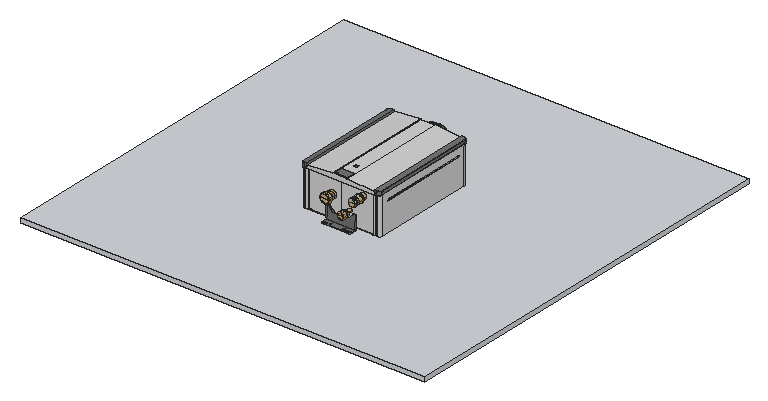
Revit family "Water_Heater-Rinnai-Ultra-Condensing-Tankless-RUCS75i", category Mechanical Equipment, host Face, Revit 2012
Parameters (values of type "Standard")
  Width = 18 1/2"  # constant formula
  Wattage = 89 W
  Warranty URL = ""
  Warranty = "Residential:Limited 12-year on heat exchanger, 5-year on parts, 1-year on labor"  # constant formula
  Voltage = 120 V
  Venting = "Direct Vent system 3-4\" configurations"
  Unit = Metal - Rinnai - Aluminum Frame - Painted White
  URL = "https://rinnai.us/"
  Temperature Settings = "120° - 140° F"  # constant formula
  Subcategory = "Tankless Water Heaters"  # constant formula
  Spec Sheet URL = "https://www.rinnai.us/documentation/downloads/RUCS75i_%28KCM2528FFU-US%29_SP.pdf"
  Product Page URL = "https://rinnai.us/water-heater/product/rucs75i-reu-kcm2528ffu-us"
  Noise Level Range = "55dB"  # constant formula
  Natural Gas = yes
  Model = "REU-KCM2528FFU-US"  # constant formula
  Max Amperage = 2.3 A
  Manufacturer Phone - Toll Free = "800-621-9419"  # constant formula
  Manufacturer Phone = "800-621-9419"  # constant formula
  Manufacturer Fax = "678-829-1666"  # constant formula
  Manufacturer Email = "mailto:engineering@rinnai.us"
  Manufacturer Address = "103 International Drive, Peachtree City, GA 30269"  # constant formula
  Manufacturer = "Rinnai America Corporation"  # constant formula
  Liquid Propane = yes
  Interference = Glass - Rinnai - Clear - Amber
  Installation URL = "https://www.rinnai.us/documentation/downloads/100000384.pdf"
  Installation Location = "Indoor only"  # constant formula
  Ignition System = "Direct electronic ignition"  # constant formula
  Hot Water Connection = "Hot Water Connector"  # constant formula
  Height = 26"  # constant formula
  Panel = Metal - Rinnai - Aluminum Frame - Painted White
  Gas Supply Pressure Min = "4\" (NG); 8\" (Propane)"
  Gas Supply Pressure Max = "10.5\" (NG); 13.5\" (Propane)"
  Gas Manifold Pressure Low Fire = "1.00\" (NG); 1.08\" (Propane)"
  Gas Manifold Pressure High Fire = "3.37\" (NG); 3.75\" (Propane)"
  Gas Input Rate = 160.0 Btu/h
  Gas Input Range = "10,300 - 160,000 BTU/h"  # constant formula
  Gas Connection = "Gas Connector"  # constant formula
  Frequency = 60 Hz
  Electrical Consumption Range = "Normal: 89 w, Standby: 1.3 w"  # constant formula
  Dry Weight = 57.30 lbf
  Description = "Tankless Water Heater"  # constant formula
  Depth = 10"  # constant formula
  Default Elevation = 48"
  Combustion Air = "Indoor"  # constant formula
  Combustibles = yes
  Cold Water Connection = "Cold Water Connector"  # constant formula
  Clearance for Top = 6"  # constant formula
  Clearance for Sides = 1/2"  # constant formula
  Clearance for Ground or Bottom = 12"  # constant formula
  Clearance for Front = 6"  # constant formula
  Cap = Metal - Rinnai - Aluminum - Polished Sliver
  Assembly Code = ""
  Applicable Altitude Range = "0 - 5400 ft (0 - 1646 m)"  # constant formula
  95 CSI = ""
  04 CSI = ""
Reference planes (in)
  plane 1 "Center (Front/Back)": y = 0
  plane 2: z = 0
  plane 3 "Center (Left/Right)": x = 0
  plane 4: y = 13
  plane 5: y = -13
  plane 6: x = -9.25
  plane 7: x = 9.25
  plane 8: z = 10.5501
  plane 9: z = 0.5501
  plane 10: y = -12.67027
Forms (in)
  Extrusion 1, solid
    sketch origin (0, 0, 0) x (1, 0, 0) y (0, 1, 0)
      loop
        line (-48, 48) -> (-48, -48) -> (48, -48) -> (48, 48) -> (-48, 48)
    from 0 to -1
  Sweep 2, solid, material "Glass - Rinnai - Clear - Amber" <- "Interference", not visible
    path origin (0, 0, 0) x (1, 0, 0) y (0, 1, 0)
      loop
        line (0, 19) -> (0, -25)
    profile origin (0, -3, 0) x (1, 0, 0) y (0, 0, 1)
      loop
        line (11.25, 16.72205) -> (-11.25, 16.72205) -> (-11.25, 0) -> (11.25, 0) -> (11.25, 16.72205)
Dimensions and locks (in)
  equal spacing: plane 6, plane 3 "Center (Left/Right)", plane 7
  "Width": plane 6 to plane 7
  equal spacing: plane 4, plane 1 "Center (Front/Back)", plane 5
  "Height": plane 4 to plane 5
  locked: level to plane 9 at 0.5501
  "Depth": plane 9 to plane 8
  aligned and locked: plane 2 to Extrusion 1
  aligned and locked: level to Extrusion 1
  aligned and locked: Sweep 2 sketch curve to plane 3 "Center (Left/Right)"
  aligned and locked: Sweep 2 sketch curve to Extrusion 1
  aligned and locked: plane 4 to nested 1
  aligned and locked: nested 1 to plane 2
  aligned and locked: nested 2 to plane 10
Automatic sketch dimensions
  Extrusion 1 sketch curve to Extrusion 1 sketch curve = 96"  (x2)
  plane 4 to Sweep 2 sketch curve = 6"
  plane 5 to Sweep 2 sketch curve = 12"
  profile plane to Sweep 2 sketch curve = 11 1/4"
  Sweep 2 sketch curve to profile plane = 11 1/4"
  Sweep 2 sketch curve to Sweep 2 sketch curve = 16.72205"
Nested families (in)
  nested 1: "Water Heater" at (-0.01433, 0.15, 0.59055), type "RUCS75i"
  nested 2: "Pipes" at (0.375, -14.00885, 0), type "Pipes"
Connectors (in)
  piping at (5.07663, -15.93915, 7.82256), driven by "Gas Connection"
    settings: on nested 2, index 1, connector radius 83/128", flow factor 0, pipe flow 0.00 GPM, pressure drop 0.00 psi, fitting loss kfactor 0, connector angle 0.00°, fixture units 0, engagement length 0", flow configuration 0, flow direction 1, fitting loss method 0, system type 7, joint type 0, gender type 0, connector reference index -1, connector utility 1, adjustable connector no, is connector primary yes, fitting loss table "", connector description "Gas Connector"
  piping at (-2.19504, -14.95475, 5.73209), driven by "Cold Water Connection"
    settings: on nested 2, index 2, connector radius 247/256", flow factor 0, pipe flow 0.00 GPM, pressure drop 0.00 psi, fitting loss kfactor 0, connector angle 0.00°, fixture units 0, engagement length 0", flow configuration 0, flow direction 2, fitting loss method 0, system type 20, joint type 0, gender type 0, connector reference index -1, connector utility 1, adjustable connector no, is connector primary no, fitting loss table "", connector description "Cold Water Connector"
  piping at (2.02329, -15.52897, 3.75493), driven by "Hot Water Connection"
    settings: on nested 2, index 3, connector radius 173/256", flow factor 0, pipe flow 0.00 GPM, pressure drop 0.00 psi, fitting loss kfactor 0, connector angle 0.00°, fixture units 0, engagement length 0", flow configuration 0, flow direction 2, fitting loss method 0, system type 19, joint type 0, gender type 0, connector reference index -1, connector utility 1, adjustable connector no, is connector primary no, fitting loss table "", connector description "Hot Water Connector"
  piping at (-0.02414, 16.39706, 6.6882), driven by "Cold Water Connection"
    settings: on nested 1, index 4, connector radius 2", flow factor 0, pipe flow 0.00 GPM, pressure drop 0.00 psi, fitting loss kfactor 0, connector angle 0.00°, fixture units 0, engagement length 0", flow configuration 0, flow direction 1, fitting loss method 0, system type 20, joint type 0, gender type 0, connector reference index -1, connector utility 1, adjustable connector no, is connector primary no, fitting loss table "", connector description "Cold Water Connector"
Definition of nested family "Water Heater"
  Parameters (values of type "RUC98i")
    Unit = Metal - Rinnai - Aluminum Frame - Painted White
    Door = Metal - Rinnai - Aluminum - Polished Sliver
    Display = Metal - Rinnai - Aluminum Frame - Painted White
    Default Elevation = 48"
    Clamp = Metal - Rinnai - Aluminum Frame - Painted White
  Reference planes (in)
    plane 1 "Center (Front/Back)": y = 0
    plane 2: z = 0
    plane 3 "Center (Left/Right)": x = 0
    plane 4: y = 12.85
    plane 5: x = -9.25
    plane 6: x = 9.25
    plane 7: z = 10.1
    plane 8: z = 8.75945
    plane 9: z = -0.20842
    plane 10: z = 3.97008
    plane 11: x = 4.33
    plane 12: x = 1.17
    plane 13: z = 1.61008
    plane 14: x = -2.89
    plane 15: z = 3.20008
    plane 16: y = 15.52
    plane 17: x = 0
    plane 18: x = 5.09845
    plane 19: z = 7.0748
    plane 20: z = 2.99213
    plane 21: x = 2.10239
    plane 22: z = 5.00787
    plane 23: x = -2.12399
    plane 24: z = -0.59055
    plane 25: z = -0.15205
    plane 26: z = -0.59055
    plane 27: z = 2.71654
    plane 28: x = -3.49407
    plane 29: x = 3.46656
    plane 30: x = -3.49407
    plane 31: x = 3.46656
    plane 32: y = -13.15
    plane 33: z = 9.95876
  Forms (in)
    Extrusion 1, solid, material "Metal - Rinnai - Aluminum Frame - Painted White" <- "Unit", detail levels medium+fine
      sketch origin (0, 0, 0) x (1, 0, 0) y (0, 1, 0)
        loop
          arc (-8.5, 12.72578) -> (-9.03033, 12.50611) -> (-9.25, 11.97578) r 0.75
          line (-9.25, 11.97578) -> (-9.25, -12.07027)
          arc (-9.25, -12.07027) -> (-9.03033, -12.6006) -> (-8.5, -12.82027) r 0.75
          line (-8.5, -12.82027) -> (-7.75409, -12.82027)
          arc (-7.75409, -12.82027) -> (-7.72259, -12.78878) -> (-7.75409, -12.75728) r 0.0315
          line (-7.75409, -12.75728) -> (-8.33874, -12.75728)
          arc (-8.33874, -12.75728) -> (-8.86907, -12.53761) -> (-9.08874, -12.00728) r 0.75
          line (-9.08874, -12.00728) -> (-9.08874, 11.87342)
          arc (-9.08874, 11.87342) -> (-8.86907, 12.40375) -> (-8.33874, 12.62342) r 0.75
          line (-8.33874, 12.62342) -> (8.33874, 12.62342)
          arc (8.33874, 12.62342) -> (8.86907, 12.40375) -> (9.08874, 11.87342) r 0.75
          line (9.08874, 11.87342) -> (9.08874, -12.00728)
          arc (9.08874, -12.00728) -> (8.86907, -12.53761) -> (8.33874, -12.75728) r 0.75
          line (8.33874, -12.75728) -> (7.75409, -12.75728)
          arc (7.75409, -12.75728) -> (7.72259, -12.78878) -> (7.75409, -12.82027) r 0.0315
          line (7.75409, -12.82027) -> (8.5, -12.82027)
          arc (8.5, -12.82027) -> (9.03033, -12.6006) -> (9.25, -12.07027) r 0.75
          line (9.25, -12.07027) -> (9.25, 11.97578)
          arc (9.25, 11.97578) -> (9.03033, 12.50611) -> (8.5, 12.72578) r 0.75
          line (8.5, 12.72578) -> (-8.5, 12.72578)
      from -0.04045 to 8.98484
    Extrusion 2, solid, material "Metal - Rinnai - Aluminum Frame - Painted White" <- "Unit", detail levels medium+fine
      sketch origin (0, 0, 0) x (1, 0, 0) y (0, 1, 0)
        loop
          arc (-7.94561, -12.71791) -> (-7.96958, -12.73044) -> (-7.97296, -12.75728) r 0.02918
          line (-7.97296, -12.75728) -> (0.00974, -12.75728) -> (7.97296, -12.75728)
          arc (7.97296, -12.75728) -> (7.96958, -12.73044) -> (7.94561, -12.71791) r 0.02918
          line (7.94561, -12.71791) -> (-0.00497, -12.71791) -> (-7.94561, -12.71791)
      from 0 to 8.75945
    Sweep 3, solid, material "Metal - Rinnai - Aluminum Frame - Painted White" <- "Unit", detail levels medium+fine
      path origin (-19.30772, -180, -0.04045) x (-1, 0, 0) y (0, -1, 0)
        loop
          line (-27.06181, -167.17973) -> (-27.80772, -167.17973)
          arc (-27.80772, -167.17973) -> (-28.33805, -167.3994) -> (-28.55772, -167.92973) r 0.75
          line (-28.55772, -167.92973) -> (-28.55772, -191.97578)
          arc (-28.55772, -191.97578) -> (-28.33805, -192.50611) -> (-27.80772, -192.72578) r 0.75
          line (-27.80772, -192.72578) -> (-10.80772, -192.72578)
          arc (-10.80772, -192.72578) -> (-10.27739, -192.50611) -> (-10.05772, -191.97578) r 0.75
          line (-10.05772, -191.97578) -> (-10.05772, -167.92973)
          arc (-10.05772, -167.92973) -> (-10.27739, -167.3994) -> (-10.80772, -167.17973) r 0.75
          line (-10.80772, -167.17973) -> (-11.55363, -167.17973)
      profile origin (8.12705, -12.82027, -0.04045) x (0, 1, 0) y (0, 0, 1)
        loop
          arc (0, 0.0315) -> (0.00922, 0.00922) -> (0.0315, 0) r 0.0315
          line (0.0315, 0) -> (0.0315, 0.0315) -> (0, 0.0315)
    Extrusion 4, void, detail levels medium+fine
      sketch origin (0, 0, 0.23337) x (1, 0, 0) y (0, 0, 1)
        loop
          line (9.53125, 10.9934) -> (-9.53125, 10.9934) -> (-9.53125, 8.72022) -> (-8.09256, 8.72022) -> (-8.09256, 9.1595)
          arc (-8.09256, 9.1595) -> (-4.06175, 9.66364) -> (0, 9.72539) r 37.20967
          arc (0, 9.72539) -> (4.06175, 9.66364) -> (8.09256, 9.1595) r 37.20967
          line (8.09256, 9.1595) -> (8.09256, 8.72022) -> (9.53125, 8.72022) -> (9.53125, 10.9934)
      from -15.04938 to 15.10382
    Extrusion 5, solid, material "Metal - Rinnai - Aluminum Frame - Painted White" <- "Display", detail levels medium+fine
      sketch origin (0, 0, 0) x (1, 0, 0) y (0, 1, 0)
        loop
          line (8.58208, 12.85) -> (-8.63521, 12.85)
          arc (-8.63521, 12.85) -> (-9.06993, 12.66993) -> (-9.25, 12.23521) r 0.61479
          line (-9.25, 12.23521) -> (-9.25, -12.55655)
          arc (-9.25, -12.55655) -> (-9.07618, -12.97618) -> (-8.65655, -13.15) r 0.59345
          line (-8.65655, -13.15) -> (8.56688, -13.15)
          arc (8.56688, -13.15) -> (9.04992, -12.94992) -> (9.25, -12.46688) r 0.68312
          line (9.25, -12.46688) -> (9.25, 12.18208)
          arc (9.25, 12.18208) -> (9.05437, 12.65437) -> (8.58208, 12.85) r 0.66792
      from 8.75945 to 10.8032
    Extrusion 6, solid, material "Metal - Rinnai - Aluminum - Polished Sliver" <- "Door", detail levels medium+fine
      sketch origin (0, 0, 0) x (1, 0, 0) y (0, 1, 0)
        loop
          arc (-8.52756, 12.84217) -> (-9.05789, 12.6225) -> (-9.27756, 12.09217) r 0.75
          line (-9.27756, 12.09217) -> (-9.27756, -12.4)
          arc (-9.27756, -12.4) -> (-9.05789, -12.93033) -> (-8.52756, -13.15) r 0.75
          line (-8.52756, -13.15) -> (-8.09256, -13.15) -> (-8.09256, 12.84217) -> (-8.52756, 12.84217)
        loop
          line (8.52756, 12.84217) -> (8.09256, 12.84217) -> (8.09256, -13.15) -> (8.52756, -13.15)
          arc (8.52756, -13.15) -> (9.05789, -12.93033) -> (9.27756, -12.4) r 0.75
          line (9.27756, -12.4) -> (9.27756, 12.09217)
          arc (9.27756, 12.09217) -> (9.05789, 12.6225) -> (8.52756, 12.84217) r 0.75
      from 8.95359 to 9.96783
    Extrusion 7, solid, material "Metal - Rinnai - Aluminum Frame - Painted White" <- "Unit", detail levels coarse
      sketch origin (0, 0, 0) x (1, 0, 0) y (0, 1, 0)
        loop
          line (9.25, -14.56214) -> (9.25, 16.24706) -> (-9.25, 16.24706) -> (-9.25, -14.56214) -> (9.25, -14.56214)
      from -0.59055 to 9.95876
    Extrusion 8, solid, material "Metal - Rinnai - Aluminum Frame - Painted White" <- "Unit", detail levels medium+fine
      sketch origin (0, 0, 0) x (1, 0, 0) y (0, 1, 0)
        loop
          arc (-7.94561, -12.71791) -> (-7.96958, -12.73044) -> (-7.97296, -12.75728) r 0.02918
          line (-7.97296, -12.75728) -> (0.00974, -12.75728) -> (7.97296, -12.75728)
          arc (7.97296, -12.75728) -> (7.96958, -12.73044) -> (7.94561, -12.71791) r 0.02918
          line (7.94561, -12.71791) -> (-0.00497, -12.71791) -> (-7.94561, -12.71791)
      from 0 to 8.75945
    Extrusion 9, void
      sketch origin (0, 0, 0.15514) x (1, 0, 0) y (0, 0, 1)
        loop
          arc (1.60849, 9.74656) -> (1.69001, 9.75729) -> (1.76597, 9.78875) r 0.31496
          line (1.76597, 9.78875) -> (2.03915, 9.94647)
          arc (2.03915, 9.94647) -> (2.1341, 9.9858) -> (2.236, 9.99922) r 0.3937
          line (2.236, 9.99922) -> (2.236, 10.43872) -> (-2.23606, 10.43872) -> (-2.23606, 9.99922)
          arc (-2.23606, 9.99922) -> (-2.13416, 9.9858) -> (-2.0392, 9.94647) r 0.3937
          line (-2.0392, 9.94647) -> (-1.76603, 9.78875)
          arc (-1.76603, 9.78875) -> (-1.69007, 9.75729) -> (-1.60855, 9.74656) r 0.31496
          line (-1.60855, 9.74656) -> (1.60849, 9.74656)
      from -14.53617 to 14.5778
    Extrusion 10, solid, material "Metal - Rinnai - Aluminum Frame - Painted White" <- "Unit", detail levels medium+fine
      sketch origin (0, 0, 0) x (1, 0, 0) y (0, 1, 0)
        loop
          arc (-9.08874, -12.00728) -> (-8.86907, -12.53761) -> (-8.33874, -12.75728) r 0.75
          line (-8.33874, -12.75728) -> (-7.75409, -12.75728) -> (8.33874, -12.75728)
          arc (8.33874, -12.75728) -> (8.86907, -12.53761) -> (9.08874, -12.00728) r 0.75
          line (9.08874, -12.00728) -> (9.08874, 11.87342)
          arc (9.08874, 11.87342) -> (8.86907, 12.40375) -> (8.33874, 12.62342) r 0.75
          line (8.33874, 12.62342) -> (-8.33874, 12.62342)
          arc (-8.33874, 12.62342) -> (-8.86907, 12.40375) -> (-9.08874, 11.87342) r 0.75
          line (-9.08874, 11.87342) -> (-9.08874, -12.00728)
      from -0.01923 to 0
    Revolve 11, void
      sketch origin (9.3125, 0, 0) x (0, 1, 0) y (0, 0, 1)
        loop
          arc (10.67775, 6.82414) -> (10.62581, 6.97256) -> (10.48169, 7.03543) r 0.19661
          line (10.48169, 7.03543) -> (-10.77815, 7.03543)
          arc (-10.77815, 7.03543) -> (-10.92236, 6.97257) -> (-10.97447, 6.82414) r 0.19685
          line (-10.97447, 6.82414) -> (10.67775, 6.82414)
        axis (-10.97447, 6.82414) -> (10.67775, 6.82414)
      angle from 180 to -180
    Revolve 12, void
      sketch origin (-9.3125, 0, 0) x (0, 1, 0) y (0, 0, -1)
        loop
          line (10.67775, -6.82414) -> (-10.97447, -6.82414)
          arc (-10.97447, -6.82414) -> (-10.92236, -6.97257) -> (-10.77815, -7.03543) r 0.19685
          line (-10.77815, -7.03543) -> (10.48169, -7.03543)
          arc (10.48169, -7.03543) -> (10.62581, -6.97256) -> (10.67775, -6.82414) r 0.19661
        axis (-10.97447, -6.82414) -> (10.67775, -6.82414)
      angle from 180 to -180
    Extrusion 13, void
      sketch origin (0, 0, 0) x (1, 0, 0) y (0, 0, 1)
        loop
          line (8.09256, 9.80952) -> (8.09256, 8.95359) -> (9.26381, 8.95359) -> (9.26381, 9.56753)
          arc (9.26381, 9.56753) -> (9.24465, 9.61941) -> (9.19638, 9.64641) r 0.07985
          arc (9.19638, 9.64641) -> (8.64485, 9.73057) -> (8.09256, 9.80952) r 59.05511
        loop
          line (7.89256, 10.28429) -> (7.89256, 8.78484) -> (9.46381, 8.78484) -> (9.46381, 10.28429) -> (7.89256, 10.28429)
        loop
          arc (-8.09256, 9.81284) -> (-8.65523, 9.7325) -> (-9.21711, 9.64675) r 59.05517
          arc (-9.21711, 9.64675) -> (-9.26586, 9.61948) -> (-9.28521, 9.56708) r 0.08065
          line (-9.28521, 9.56708) -> (-9.28521, 8.95359) -> (-8.09256, 8.95359) -> (-8.09256, 9.81284)
        loop
          line (-7.9166, 10.28429) -> (-9.48785, 10.28429) -> (-9.48785, 8.78484) -> (-7.9166, 8.78484) -> (-7.9166, 10.28429)
      from -13.68838 to 17.90298
    Sweep 14, solid, material "Metal - Rinnai - Aluminum - Polished Sliver" <- "Door", detail levels medium+fine
      path origin (-13.16941, 14.83211, 50.52353) x (-1, 0, 0) y (0, 0, 1)
        loop
          circle (-13.15378, -44.53915) r 2.53
      profile origin (-0.01562, 14.83211, 3.45438) x (0, 0, -1) y (0, 1, 0)
        loop
          line (0.37891, -0.23622) -> (0.37891, -0.03937) -> (0.33954, 0) -> (0.16569, 0) -> (0.16569, -0.33502)
          arc (0.16569, -0.33502) -> (0.14814, -0.35064) -> (0.13195, -0.36767) r 0.2815
          arc (0.13195, -0.36767) -> (0.11933, -0.38713) -> (0.11491, -0.4099) r 0.06083
          line (0.11491, -0.4099) -> (0.11491, -1.95032) -> (-1.17806, -1.95032) -> (-1.17806, -0.4879)
          arc (-1.17806, -0.4879) -> (-1.06496, -0.34731) -> (-1.16611, -0.1979) r 0.15183
          line (-1.16611, -0.1979) -> (-0.96822, 0) -> (-1.21033, 0) -> (-1.21033, -1.98252) -> (0.34038, -1.98252)
          arc (0.34038, -1.98252) -> (0.31582, -1.95579) -> (0.30691, -1.9206) r 0.07401
          line (0.30691, -1.9206) -> (0.30691, -1.79773)
          arc (0.30691, -1.79773) -> (0.30167, -1.77782) -> (0.28731, -1.76308) r 0.04042
          line (0.28731, -1.76308) -> (0.1536, -1.68273)
          arc (0.1536, -1.68273) -> (0.1399, -1.66867) -> (0.13491, -1.6497) r 0.03854
          line (0.13491, -1.6497) -> (0.13491, -0.4099)
          arc (0.13491, -0.4099) -> (0.13796, -0.3944) -> (0.14666, -0.38123) r 0.04083
          arc (0.14666, -0.38123) -> (0.15771, -0.36931) -> (0.16948, -0.35809) r 0.2615
          arc (0.16948, -0.35809) -> (0.18137, -0.34116) -> (0.18569, -0.32093) r 0.05188
          line (0.18569, -0.32093) -> (0.18569, -0.23622) -> (0.37891, -0.23622)
    Extrusion 15, solid, material "Metal - Rinnai - Aluminum - Polished Sliver" <- "Door", detail levels medium+fine
      sketch origin (0, 0, 0.5625) x (1, 0, 0) y (0, 0, 1)
        loop
          circle (-0.01562, 5.48437) r 2.76047
      from -14.79274 to -12.85
    Revolve 16, solid, material "Metal - Rinnai - Aluminum - Polished Sliver" <- "Door", detail levels medium+fine
      sketch origin (0, 0, 6.09765) x (1, 0, 0) y (0, 1, 0)
        loop
          line (-1.83176, 16.24706) -> (-1.98816, 16.24706) -> (-1.98816, 14.94785) -> (-2.76607, 14.94785) -> (-2.76607, 14.86911) -> (-2.73103, 14.86911) -> (-2.73103, 14.83211) -> (-1.83176, 14.83211) -> (-1.83176, 16.24706)
        axis (-0.00981, 16.24706) -> (-0.00981, 14.83211)
      angle from 0 to 360
    Revolve 17, solid, material "Metal - Rinnai - Aluminum - Polished Sliver" <- "Door", detail levels medium+fine
      sketch origin (0, 0, 6.125) x (1, 0, 0) y (0, 1, 0)
        loop
          line (-5.91926, 14.07835) -> (-7.98619, 14.07835) -> (-7.98619, 13.99961) -> (-7.89841, 13.99961) -> (-7.89841, 13.01817) -> (-5.91926, 13.01817) -> (-5.91926, 14.07835)
        axis (-5.91926, 14.07835) -> (-5.91926, 13.01817)
      angle from 0 to 360
    Extrusion 18, solid, material "Metal - Rinnai - Aluminum - Polished Sliver" <- "Door", detail levels medium+fine
      sketch origin (0, 0, 0) x (1, 0, 0) y (0, 0, 1)
        loop
          line (-4.80706, 8.4142) -> (-7.03147, 8.4142)
          arc (-7.03147, 8.4142) -> (-7.91535, 8.04808) -> (-8.28147, 7.1642) r 1.25
          line (-8.28147, 7.1642) -> (-8.28147, 4.93979)
          arc (-8.28147, 4.93979) -> (-7.91535, 4.05591) -> (-7.03147, 3.68979) r 1.25
          line (-7.03147, 3.68979) -> (-4.80706, 3.68979)
          arc (-4.80706, 3.68979) -> (-3.92318, 4.05591) -> (-3.55706, 4.93979) r 1.25
          line (-3.55706, 4.93979) -> (-3.55706, 7.1642)
          arc (-3.55706, 7.1642) -> (-3.92318, 8.04808) -> (-4.80706, 8.4142) r 1.25
      from -13.01929 to -12.85
    Extrusion 19, solid, material "Metal - Rinnai - Aluminum - Polished Sliver" <- "Door", detail levels medium+fine
      sketch origin (0, 0, 0) x (1, 0, 0) y (0, 0, 1)
        loop
          arc (-1.21257, 9.00081) -> (-2.45001, 8.48825) -> (-2.96257, 7.25081) r 1.75
          line (-2.96257, 7.25081) -> (-2.96257, 4.8453)
          arc (-2.96257, 4.8453) -> (-2.45001, 3.60786) -> (-1.21257, 3.0953) r 1.75
          line (-1.21257, 3.0953) -> (1.19294, 3.0953)
          arc (1.19294, 3.0953) -> (2.43038, 3.60786) -> (2.94294, 4.8453) r 1.75
          line (2.94294, 4.8453) -> (2.94294, 7.25081)
          arc (2.94294, 7.25081) -> (2.43038, 8.48825) -> (1.19294, 9.00081) r 1.75
          line (1.19294, 9.00081) -> (-1.21257, 9.00081)
      from -13.07589 to -12.85
    Extrusion 20, solid, material "Metal - Rinnai - Aluminum - Polished Sliver" <- "Door", detail levels fine
      sketch origin (0, 0, -0.38213) x (1, 0, 0) y (0, 1, 0)
        loop
          arc (3.16143, -14.56214) -> (3.37644, -14.47309) -> (3.4655, -14.25808) r 0.30406
          line (3.4655, -14.25808) -> (3.4655, -12.96102) -> (-3.49587, -12.96102) -> (-3.49587, -14.26214)
          arc (-3.49587, -14.26214) -> (-3.408, -14.47428) -> (-3.19587, -14.56214) r 0.3
          line (-3.19587, -14.56214) -> (3.16143, -14.56214)
        loop
          circle (-1.59298, -13.97618) r 0.25
        loop
          circle (1.5508, -13.97618) r 0.25
        loop
          line (-2.3676, -14.17829) -> (-2.78179, -14.17829)
          arc (-2.78179, -14.17829) -> (-2.88969, -14.28619) -> (-2.78179, -14.3941) r 0.10791
          line (-2.78179, -14.3941) -> (-2.3676, -14.3941)
          arc (-2.3676, -14.3941) -> (-2.2597, -14.28619) -> (-2.3676, -14.17829) r 0.10791
        loop
          line (2.75077, -14.17829) -> (2.33658, -14.17829)
          arc (2.33658, -14.17829) -> (2.22868, -14.28619) -> (2.33658, -14.3941) r 0.10791
          line (2.33658, -14.3941) -> (2.75077, -14.3941)
          arc (2.75077, -14.3941) -> (2.85867, -14.28619) -> (2.75077, -14.17829) r 0.10791
        loop
          line (-3.27923, -14.1083) -> (-3.27923, -14.18773)
          arc (-3.27923, -14.18773) -> (-3.16209, -14.30487) -> (-3.04495, -14.18773) r 0.11714
          line (-3.04495, -14.18773) -> (-3.04495, -14.1083)
          arc (-3.04495, -14.1083) -> (-3.16209, -13.99116) -> (-3.27923, -14.1083) r 0.11714
        loop
          line (3.01764, -14.1083) -> (3.01764, -14.18773)
          arc (3.01764, -14.18773) -> (3.13478, -14.30487) -> (3.25192, -14.18773) r 0.11714
          line (3.25192, -14.18773) -> (3.25192, -14.1083)
          arc (3.25192, -14.1083) -> (3.13478, -13.99116) -> (3.01764, -14.1083) r 0.11714
      from -0.20842 to -0.15205
    Extrusion 21, solid, material "Metal - Rinnai - Aluminum - Polished Sliver" <- "Door", detail levels fine
      sketch origin (0, 0, -0.38213) x (1, 0, 0) y (0, 0, 1)
        loop
          line (-3.49407, 2.92296) -> (-3.49407, -0.15205) -> (3.46656, -0.15205) -> (3.46656, 2.92867)
          arc (3.46656, 2.92867) -> (3.4351, 3.00463) -> (3.35914, 3.03609) r 0.10742
          line (3.35914, 3.03609) -> (2.88285, 3.03609)
          arc (2.88285, 3.03609) -> (2.78786, 3.01065) -> (2.71831, 2.94112) r 0.19
          arc (2.71831, 2.94112) -> (-0.01202, 1.36468) -> (-2.74289, 2.94019) r 3.15356
          arc (-2.74289, 2.94019) -> (-2.81314, 3.0104) -> (-2.90908, 3.03609) r 0.19195
          line (-2.90908, 3.03609) -> (-3.38094, 3.03609)
          arc (-3.38094, 3.03609) -> (-3.46093, 3.00296) -> (-3.49407, 2.92296) r 0.11313
      from 12.81977 to 12.96102
    Extrusion 22, solid, material "Metal - Rinnai - Aluminum - Polished Sliver" <- "Door", detail levels fine
      sketch origin (0, 0, -0.38213) x (0, 1, 0) y (0, 0, 1)
        loop
          line (-12.89803, 0.24165) -> (-12.89803, 1.71409) -> (-13.05411, 1.71409)
          arc (-13.05411, 1.71409) -> (-13.13862, 1.67908) -> (-13.17362, 1.59457) r 0.11952
          line (-13.17362, 1.59457) -> (-13.17362, 0.36212)
          arc (-13.17362, 0.36212) -> (-13.13834, 0.27693) -> (-13.05315, 0.24165) r 0.12047
          line (-13.05315, 0.24165) -> (-12.89803, 0.24165)
      from 3.46656 to 3.52956
    Extrusion 23, solid, material "Metal - Rinnai - Aluminum - Polished Sliver" <- "Door", detail levels fine
      sketch origin (0, 0, -0.38213) x (0, 1, 0) y (0, 0, 1)
        loop
          line (-12.89803, 0.24165) -> (-12.89803, 2.74304) -> (-13.05362, 2.74304)
          arc (-13.05362, 2.74304) -> (-13.13847, 2.7079) -> (-13.17362, 2.62304) r 0.12
          line (-13.17362, 2.62304) -> (-13.17362, 0.36212)
          arc (-13.17362, 0.36212) -> (-13.13834, 0.27693) -> (-13.05315, 0.24165) r 0.12047
          line (-13.05315, 0.24165) -> (-12.89803, 0.24165)
      from -3.55706 to -3.49407
    Extrusion 24, solid, material "Metal - Rinnai - Aluminum - Polished Sliver" <- "Door", detail levels fine
      sketch origin (0, -0.07813, -0.38213) x (1, 0, 0) y (0, 1, 0)
        loop
          line (3.16143, 14.27598) -> (-3.19587, 14.27598)
          arc (-3.19587, 14.27598) -> (-3.408, 14.18812) -> (-3.49587, 13.97598) r 0.3
          line (-3.49587, 13.97598) -> (-3.49587, 12.80391) -> (3.4655, 12.80391) -> (3.4655, 13.97192)
          arc (3.4655, 13.97192) -> (3.37644, 14.18693) -> (3.16143, 14.27598) r 0.30406
        loop
          circle (-1.59298, 13.69002) r 0.25
        loop
          circle (1.5508, 13.69002) r 0.25
        loop
          arc (-2.3676, 13.89213) -> (-2.2597, 14.00003) -> (-2.3676, 14.10794) r 0.10791
          line (-2.3676, 14.10794) -> (-2.78179, 14.10794)
          arc (-2.78179, 14.10794) -> (-2.88969, 14.00003) -> (-2.78179, 13.89213) r 0.10791
          line (-2.78179, 13.89213) -> (-2.3676, 13.89213)
        loop
          arc (2.75077, 13.89213) -> (2.85867, 14.00003) -> (2.75077, 14.10794) r 0.10791
          line (2.75077, 14.10794) -> (2.33658, 14.10794)
          arc (2.33658, 14.10794) -> (2.22868, 14.00003) -> (2.33658, 13.89213) r 0.10791
          line (2.33658, 13.89213) -> (2.75077, 13.89213)
        loop
          arc (-3.27923, 13.82214) -> (-3.16209, 13.705) -> (-3.04495, 13.82214) r 0.11714
          line (-3.04495, 13.82214) -> (-3.04495, 13.90157)
          arc (-3.04495, 13.90157) -> (-3.16209, 14.01871) -> (-3.27923, 13.90157) r 0.11714
          line (-3.27923, 13.90157) -> (-3.27923, 13.82214)
        loop
          arc (3.01764, 13.82214) -> (3.13478, 13.705) -> (3.25192, 13.82214) r 0.11714
          line (3.25192, 13.82214) -> (3.25192, 13.90157)
          arc (3.25192, 13.90157) -> (3.13478, 14.01871) -> (3.01764, 13.90157) r 0.11714
          line (3.01764, 13.90157) -> (3.01764, 13.82214)
      from -0.20842 to -0.15205
    Extrusion 25, solid, material "Metal - Rinnai - Aluminum - Polished Sliver" <- "Door", detail levels fine
      sketch origin (0, -0.07813, -0.38213) x (1, 0, 0) y (0, 0, -1)
        loop
          arc (-3.49407, -2.92296) -> (-3.46093, -3.00296) -> (-3.38094, -3.03609) r 0.11313
          line (-3.38094, -3.03609) -> (-2.90908, -3.03609)
          arc (-2.90908, -3.03609) -> (-2.81314, -3.0104) -> (-2.74289, -2.94019) r 0.19195
          arc (-2.74289, -2.94019) -> (-0.01202, -1.36468) -> (2.71831, -2.94112) r 3.15356
          arc (2.71831, -2.94112) -> (2.78786, -3.01065) -> (2.88285, -3.03609) r 0.19
          line (2.88285, -3.03609) -> (3.35914, -3.03609)
          arc (3.35914, -3.03609) -> (3.4351, -3.00463) -> (3.46656, -2.92867) r 0.10742
          line (3.46656, -2.92867) -> (3.46656, 0.15205) -> (-3.49407, 0.15205) -> (-3.49407, -2.92296)
      from 12.81977 to 12.96102
    Extrusion 26, solid, material "Metal - Rinnai - Aluminum - Polished Sliver" <- "Door", detail levels fine
      sketch origin (0, -0.07813, -0.38213) x (0, -1, 0) y (0, 0, -1)
        loop
          line (-12.89803, -0.24165) -> (-13.05315, -0.24165)
          arc (-13.05315, -0.24165) -> (-13.13834, -0.27693) -> (-13.17362, -0.36212) r 0.12047
          line (-13.17362, -0.36212) -> (-13.17362, -1.59457)
          arc (-13.17362, -1.59457) -> (-13.13862, -1.67908) -> (-13.05411, -1.71409) r 0.11952
          line (-13.05411, -1.71409) -> (-12.89803, -1.71409) -> (-12.89803, -0.24165)
      from 3.46656 to 3.52956
    Extrusion 27, solid, material "Metal - Rinnai - Aluminum - Polished Sliver" <- "Door", detail levels fine
      sketch origin (0, -0.07813, -0.38213) x (0, -1, 0) y (0, 0, -1)
        loop
          line (-12.89803, -0.24165) -> (-13.05315, -0.24165)
          arc (-13.05315, -0.24165) -> (-13.13834, -0.27693) -> (-13.17362, -0.36212) r 0.12047
          line (-13.17362, -0.36212) -> (-13.17362, -2.62304)
          arc (-13.17362, -2.62304) -> (-13.13847, -2.7079) -> (-13.05362, -2.74304) r 0.12
          line (-13.05362, -2.74304) -> (-12.89803, -2.74304) -> (-12.89803, -0.24165)
      from -3.55706 to -3.49407
    Extrusion 28, solid, material "Metal - Rinnai - Aluminum - Polished Sliver" <- "Door", detail levels fine
      sketch origin (0, 0, -0.19831) x (1, 0, 0) y (0, 1, 0)
        loop
          arc (-1.42723, -10.7438) -> (-1.46966, -10.76138) -> (-1.48723, -10.8038) r 0.06
          line (-1.48723, -10.8038) -> (-1.48723, -12.5588)
          arc (-1.48723, -12.5588) -> (-1.46966, -12.60123) -> (-1.42723, -12.6188) r 0.06
          line (-1.42723, -12.6188) -> (1.55033, -12.6188)
          arc (1.55033, -12.6188) -> (1.59275, -12.60123) -> (1.61033, -12.5588) r 0.06
          line (1.61033, -12.5588) -> (1.61033, -10.8038)
          arc (1.61033, -10.8038) -> (1.59275, -10.76138) -> (1.55033, -10.7438) r 0.06
          line (1.55033, -10.7438) -> (-1.42723, -10.7438)
      from 10.1 to 10.11749
    Extrusion 29, solid, material "Metal - Rinnai - Aluminum - Polished Sliver" <- "Door", detail levels fine
      sketch origin (0.00084, -0.00258, -0.19831) x (1, 0, 0) y (0, 1, 0)
        loop
          arc (-0.45191, -8.05945) -> (-0.47685, -8.06978) -> (-0.48718, -8.09472) r 0.03527
          line (-0.48718, -8.09472) -> (-0.48718, -8.55363)
          arc (-0.48718, -8.55363) -> (-0.47546, -8.58191) -> (-0.44718, -8.59363) r 0.04
          line (-0.44718, -8.59363) -> (0.37826, -8.59363)
          arc (0.37826, -8.59363) -> (0.40654, -8.58191) -> (0.41826, -8.55363) r 0.04
          line (0.41826, -8.55363) -> (0.41826, -8.09945)
          arc (0.41826, -8.09945) -> (0.40654, -8.07116) -> (0.37826, -8.05945) r 0.04
          line (0.37826, -8.05945) -> (-0.45191, -8.05945)
      from 10.11749 to 10.1
  Cuts and joins
    Extrusion 4, Extrusion 9 cuts Extrusion 5
    Extrusion 13 cuts Extrusion 6
    Revolve 11, Revolve 12 cuts Extrusion 1
    Revolve 11, Revolve 12 cuts Sweep 3
    Revolve 11, Revolve 12 cuts Extrusion 10
    joined: Extrusion 1, Sweep 3, Extrusion 10
  Lines and regions (in)
    Masking region 1, detail levels medium+fine
      outline origin (0, 0, 0) x (1, 0, 0) y (0, 1, 0)
        loop
          line (-1.98816, 16.24706) -> (-1.98816, 14.94785) -> (-2.76607, 14.94785) -> (-2.76607, 14.86911) -> (-2.73103, 14.86911) -> (-2.73103, 14.83211) -> (-2.88516, 14.83211) -> (-2.92453, 14.79274) -> (-2.92453, 14.59589) -> (-2.77584, 14.59589) -> (-2.77584, 13.10285) -> (-2.82252, 13.07589) -> (-2.96257, 13.07589) -> (-2.96257, 12.85) -> (-3.55706, 12.85) -> (-3.55706, 13.01929) -> (-3.94024, 13.01929) -> (-3.94024, 13.99961) -> (-3.85233, 13.99961) -> (-3.85233, 14.07835) -> (-7.98619, 14.07835) -> (-7.98619, 13.99961) -> (-7.89841, 13.99961) -> (-7.89841, 13.01817) -> (-8.28664, 13.01817) -> (-8.28664, 12.84217) -> (-8.52756, 12.84217)
          arc (-8.52756, 12.84217) -> (-9.00467, 12.67084) -> (-9.26381, 12.23514) r 0.75
          line (-9.26381, 12.23514) -> (-9.26381, -12.54296)
          arc (-9.26381, -12.54296) -> (-9.00467, -12.97867) -> (-8.52756, -13.15) r 0.75
          line (-8.52756, -13.15) -> (8.52756, -13.15)
          arc (8.52756, -13.15) -> (9.00467, -12.97867) -> (9.26381, -12.54296) r 0.75
          line (9.26381, -12.54296) -> (9.26381, 12.16566)
          arc (9.26381, 12.16566) -> (9.06337, 12.64956) -> (8.57946, 12.85) r 0.68434
          line (8.57946, 12.85) -> (2.94304, 12.85) -> (2.94304, 13.07589) -> (2.79127, 13.07589) -> (2.74459, 13.10285) -> (2.74459, 14.59589) -> (2.89328, 14.59589) -> (2.89328, 14.79274) -> (2.85391, 14.83211) -> (2.7115, 14.83211) -> (2.7115, 14.86911) -> (2.74654, 14.86911) -> (2.74654, 14.94785) -> (1.96863, 14.94785) -> (1.96863, 16.24706) -> (-1.98816, 16.24706)
    Masking region 2, detail levels coarse
      outline origin (0, 0, 0) x (1, 0, 0) y (0, 0, 1)
        loop
          line (9.25, 9.95876) -> (-9.25, 9.95876) -> (-9.25, -0.59055) -> (9.25, -0.59055) -> (9.25, 9.95876)
    Masking region 3, detail levels medium+fine
      outline origin (0, 0, 0) x (1, 0, 0) y (0, 0, 1)
        loop
          line (8.09256, 9.80952) -> (8.09256, 9.39287)
          arc (8.09256, 9.39287) -> (4.97809, 9.82155) -> (1.83855, 9.98579) r 37.20967
          line (1.83855, 9.98579) -> (1.76597, 9.94389)
          arc (1.76597, 9.94389) -> (1.69001, 9.91242) -> (1.60849, 9.90169) r 0.31496
          line (1.60849, 9.90169) -> (-1.60849, 9.90169)
          arc (-1.60849, 9.90169) -> (-1.69001, 9.91242) -> (-1.76597, 9.94389) r 0.31496
          line (-1.76597, 9.94389) -> (-1.83855, 9.98579)
          arc (-1.83855, 9.98579) -> (-4.97809, 9.82155) -> (-8.09256, 9.39287) r 37.20967
          line (-8.09256, 9.39287) -> (-8.09256, 9.80952)
          arc (-8.09256, 9.80952) -> (-8.64485, 9.73057) -> (-9.19638, 9.64641) r 59.05511
          arc (-9.19638, 9.64641) -> (-9.24465, 9.61941) -> (-9.26381, 9.56753) r 0.07985
          line (-9.26381, 9.56753) -> (-9.26381, 8.98484) -> (-8.72984, 8.98484) -> (-8.78397, 8.95359) -> (-9.25, 8.95359) -> (-9.25, -0.04045) -> (-3.55706, -0.04045) -> (-3.55706, -0.14048) -> (-3.49407, -0.14048) -> (-3.49407, -0.5884) -> (3.46744, -0.5884) -> (3.46744, -0.14019) -> (3.52876, -0.14019) -> (3.52876, -0.04046) -> (9.25046, -0.04046) -> (9.25046, 8.95359) -> (8.78397, 8.95359) -> (8.72984, 8.98484) -> (9.26381, 8.98484) -> (9.26381, 9.56753)
          arc (9.26381, 9.56753) -> (9.24465, 9.61941) -> (9.19638, 9.64641) r 0.07985
          arc (9.19638, 9.64641) -> (8.64485, 9.73057) -> (8.09256, 9.80952) r 59.05511
    Masking region 4, detail levels coarse
      outline origin (0, 0, 0) x (0, 1, 0) y (0, 0, 1)
        loop
          line (16.24706, 9.95876) -> (-14.56214, 9.95876) -> (-14.56214, -0.59055) -> (16.24706, -0.59055) -> (16.24706, 9.95876)
    Masking region 5, detail levels medium+fine
      outline origin (0, 0, 0) x (0, 1, 0) y (0, 0, 1)
        loop
          line (-13.55116, 9.95876) -> (-13.55116, 8.75945) -> (-12.81978, 8.75945) -> (-12.81978, -0.04124) -> (12.72712, -0.04124) -> (12.72712, 3.0953) -> (13.07589, 3.0953) -> (13.07589, 3.17619) -> (13.14382, 3.28489) -> (14.47402, 3.28489) -> (14.51118, 3.26869) -> (14.59589, 3.26869) -> (14.59589, 3.07547) -> (14.79274, 3.07547) -> (14.83211, 3.11484) -> (14.83211, 3.37643) -> (14.86911, 3.37643) -> (14.86911, 3.34139) -> (14.94785, 3.34139) -> (14.94785, 4.1193) -> (16.24706, 4.1193) -> (16.24706, 8.07599) -> (14.94785, 8.07599) -> (14.94785, 8.85391) -> (14.86911, 8.85391) -> (14.86911, 8.81886) -> (14.83211, 8.81886) -> (14.83211, 8.85391) -> (14.79274, 8.89328) -> (14.59589, 8.89328) -> (14.59589, 8.80762) -> (13.07589, 8.80762) -> (13.07589, 9.00081) -> (12.85, 9.00081) -> (12.85, 9.95876) -> (-13.55116, 9.95876)
    Masking region 6, detail levels coarse
      outline origin (0, 0, 0) x (1, 0, 0) y (0, 1, 0)
        loop
          line (9.25, 16.24706) -> (-9.25, 16.24706) -> (-9.25, -14.56214) -> (9.25, -14.56214) -> (9.25, 16.24706)
    symbolic lines, style "Water Heater", detail levels medium+fine
      curve 1: line (-8.33583, -13.15, 0) -> (-8.33583, 12.84217, 0)
      curve 2: line (8.33583, 12.84217, 0) -> (8.33583, -13.15, 0)
      curve 3: line (-2.23606, 12.85, 0) -> (-2.23606, -13.15, 0)
      curve 4: line (2.236, -13.15, 0) -> (2.236, 12.85, 0)
      curve 5: line (-7.89841, 13.99961, 0) -> (-3.94012, 13.99961, 0)
      curve 6: line (-7.89841, 13.01817, 0) -> (-3.94012, 13.01817, 0)
      curve 7: line (-1.98816, 14.94785, 0) -> (1.96853, 14.94785, 0)
      curve 8: line (-2.73103, 14.86911, 0) -> (2.7114, 14.86911, 0)
      curve 9: line (-2.73103, 14.83211, 0) -> (2.7114, 14.83211, 0)
      curve 10: line (-2.92453, 14.79274, 0) -> (2.89328, 14.79274, 0)
      curve 11: line (-2.78, 14.59589, 0) -> (2.74306, 14.59589, 0)
      curve 12: line (-2.81917, 13.07589, 0) -> (2.78816, 13.07589, 0)
      curve 13: line (-3.55706, 12.85, 0) -> (2.94294, 12.85, 0)
      curve 67: line (-8.72955, 0, 8.98501) -> (-8.09256, 0, 9.35278)
      curve 68: arc (-8.09256, 0, 9.50437) -> (-8.15825, 0, 9.55133) -> (-8.22104, 0, 9.60208) r 1.36561
      curve 69: arc (-8.22104, 0, 9.60208) -> (-8.24504, 0, 9.63988) -> (-8.24389, 0, 9.68465) r 0.07682
      curve 70: arc (-8.24389, 0, 9.68465) -> (-8.1703, 0, 9.6231) -> (-8.09256, 0, 9.56687) r 1.36561
      curve 71: line (-8.09256, 0, 9.35278) -> (-8.09256, 0, 9.56687)
      curve 72: arc (8.27098, 0, 9.70963) -> (8.2813, 0, 9.67474) -> (8.26549, 0, 9.64196) r 0.05052
      curve 73: line (8.09256, 0, 9.56687) -> (8.09256, 0, 9.35278)
      curve 74: line (8.09256, 0, 9.35278) -> (8.72984, 0, 8.98484)
      curve 75: arc (8.26549, 0, 9.64196) -> (8.18181, 0, 9.56966) -> (8.09256, 0, 9.50437) r 1.36561
      curve 76: arc (8.09256, 0, 9.56687) -> (8.18476, 0, 9.63451) -> (8.27098, 0, 9.70963) r 1.36561
      curve 77: line (-9.25, 0, 8.75945) -> (9.25, 0, 8.75945)
      curve 78: line (-7.72433, 0, 8.75945) -> (-7.72433, 0, -0.04045)
      curve 79: line (7.72206, 0, 8.75945) -> (7.72206, 0, -0.04045)
      curve 100: line (0, 14.94785, 8.07599) -> (0, 14.94785, 4.1193)
      curve 101: line (0, 14.86911, 8.81886) -> (0, 14.86911, 3.34139)
      curve 102: line (0, 14.83211, 3.37643) -> (0, 14.83211, 8.81886)
      curve 103: line (0, 14.79274, 8.89328) -> (0, 14.79274, 3.07547)
      curve 104: line (0, 14.59589, 8.81886) -> (0, 14.59589, 3.26869)
      curve 105: line (0, 14.07835, 6.125) -> (0, 14.07835, 4.05807)
      curve 106: line (0, 13.99961, 6.125) -> (0, 13.99961, 4.05807)
      curve 107: line (0, 14.07835, 4.05807) -> (0, 13.99961, 4.05807)
      curve 108: line (0, 13.99961, 4.1478) -> (0, 13.01929, 4.1478)
      curve 109: line (0, 14.07835, 8.19193) -> (0, 14.07835, 6.125)
      curve 110: line (0, 13.99961, 8.19193) -> (0, 13.99961, 6.125)
      curve 111: line (0, 14.07835, 8.19193) -> (0, 13.99961, 8.19193)
      curve 112: line (0, 13.99961, 8.10444) -> (0, 13.01929, 8.10444)
      curve 113: line (0, 13.07589, 8.81886) -> (0, 13.07589, 8.10444)
      curve 114: line (0, 12.85, 8.4142) -> (0, 13.01929, 8.4142)
      curve 115: line (0, 13.01929, 8.4142) -> (0, 13.01929, 3.68979)
      curve 116: line (0, 13.01929, 3.68979) -> (0, 12.85, 3.68979)
      curve 117: line (0, 13.07589, 4.1478) -> (0, 13.07589, 3.17448)
      curve 118: line (0, 12.85, 3.0953) -> (0, 12.85, 8.75945)
      curve 147: line (0, -13.55116, 8.75945) -> (0, 12.85, 8.75945)
    symbolic lines, style "Water Heater", detail levels fine
      curve 14: line (1.55033, -10.7438, 0) -> (-1.42723, -10.7438, 0)
      curve 15: arc (-1.42723, -10.7438, 0) -> (-1.46966, -10.76138, 0) -> (-1.48723, -10.8038, 0) r 0.06
      curve 16: line (-1.48723, -10.8038, 0) -> (-1.48723, -12.5588, 0)
      curve 17: arc (-1.48723, -12.5588, 0) -> (-1.46966, -12.60123, 0) -> (-1.42723, -12.6188, 0) r 0.06
      curve 18: line (-1.42723, -12.6188, 0) -> (1.55033, -12.6188, 0)
      curve 19: arc (1.55033, -12.6188, 0) -> (1.59275, -12.60123, 0) -> (1.61033, -12.5588, 0) r 0.06
      curve 20: line (1.61033, -12.5588, 0) -> (1.61033, -10.8038, 0)
      curve 21: arc (1.61033, -10.8038, 0) -> (1.59275, -10.76138, 0) -> (1.55033, -10.7438, 0) r 0.06
      curve 22: line (-3.19587, -14.56214, 0) -> (3.16143, -14.56214, 0)
      curve 23: arc (-3.49587, -14.26214, 0) -> (-3.408, -14.47428, 0) -> (-3.19587, -14.56214, 0) r 0.3
      curve 24: line (-3.49587, -13.13485, 0) -> (-3.49587, -14.26214, 0)
      curve 25: line (3.4655, -14.25808, 0) -> (3.4655, -13.14798, 0)
      curve 26: arc (-3.27923, -14.1083, 0) -> (-3.16209, -13.99116, 0) -> (-3.04495, -14.1083, 0) r 0.11714
      curve 27: line (-3.27923, -14.18773, 0) -> (-3.27923, -14.1083, 0)
      curve 28: arc (-3.04495, -14.18773, 0) -> (-3.16209, -14.30487, 0) -> (-3.27923, -14.18773, 0) r 0.11714
      curve 29: line (-3.04495, -14.1083, 0) -> (-3.04495, -14.18773, 0)
      curve 30: line (-2.78179, -14.17829, 0) -> (-2.3676, -14.17829, 0)
      curve 31: arc (-2.78179, -14.3941, 0) -> (-2.88969, -14.28619, 0) -> (-2.78179, -14.17829, 0) r 0.10791
      curve 32: line (-2.3676, -14.3941, 0) -> (-2.78179, -14.3941, 0)
      curve 33: arc (-2.3676, -14.17829, 0) -> (-2.2597, -14.28619, 0) -> (-2.3676, -14.3941, 0) r 0.10791
      curve 34: circle (-1.59298, -13.97618, 0) r 0.25 normal (0, 0, -1)
      curve 35: circle (1.5508, -13.97618, 0) r 0.25 normal (0, 0, -1)
      curve 36: line (2.33658, -14.17829, 0) -> (2.75077, -14.17829, 0)
      curve 37: arc (2.33658, -14.3941, 0) -> (2.22868, -14.28619, 0) -> (2.33658, -14.17829, 0) r 0.10791
      curve 38: line (2.75077, -14.3941, 0) -> (2.33658, -14.3941, 0)
      curve 39: arc (2.75077, -14.17829, 0) -> (2.85867, -14.28619, 0) -> (2.75077, -14.3941, 0) r 0.10791
      curve 40: arc (3.25192, -14.18773, 0) -> (3.13478, -14.30487, 0) -> (3.01764, -14.18773, 0) r 0.11714
      curve 41: arc (3.01764, -14.1083, 0) -> (3.13478, -13.99116, 0) -> (3.25192, -14.1083, 0) r 0.11714
      curve 42: line (3.01764, -14.18773, 0) -> (3.01764, -14.1083, 0)
      curve 43: line (3.25192, -14.1083, 0) -> (3.25192, -14.18773, 0)
      curve 44: line (-3.19587, 14.19786, 0) -> (-2.7764, 14.19786, 0)
      curve 45: arc (-3.19587, 14.19786, 0) -> (-3.408, 14.10999, 0) -> (-3.49587, 13.89786, 0) r 0.3
      curve 46: line (-3.49587, 13.89786, 0) -> (-3.49587, 12.85, 0)
      curve 47: line (-3.55706, 13.0955, 0) -> (-3.49587, 13.0955, 0)
      curve 48: line (-3.55706, 13.0955, 0) -> (-3.55706, 13.01929, 0)
      curve 49: line (-3.49587, 12.8829, 0) -> (-2.96052, 12.8829, 0)
      curve 50: arc (-3.27923, 13.82345, 0) -> (-3.16209, 13.94059, 0) -> (-3.04495, 13.82345, 0) r 0.11714
      curve 51: arc (-3.04495, 13.74402, 0) -> (-3.16209, 13.62688, 0) -> (-3.27923, 13.74402, 0) r 0.11714
      curve 52: line (-3.27923, 13.74402, 0) -> (-3.27923, 13.82345, 0)
      curve 53: line (-3.04495, 13.82345, 0) -> (-3.04495, 13.74402, 0)
      curve 54: arc (-2.78179, 13.814, 0) -> (-2.88969, 13.92191, 0) -> (-2.78179, 14.02981, 0) r 0.10791
      curve 55: line (2.74306, 14.19786, 0) -> (3.16143, 14.19786, 0)
      curve 56: arc (3.4655, 13.8938, 0) -> (3.37644, 14.1088, 0) -> (3.16143, 14.19786, 0) r 0.30406
      curve 57: line (3.4655, 12.85, 0) -> (3.4655, 13.8938, 0)
      curve 58: line (3.52956, 12.85, 0) -> (3.52956, 13.0955, 0)
      curve 59: line (3.4655, 12.8829, 0) -> (2.94294, 12.8829, 0)
      curve 60: line (3.52956, 13.0955, 0) -> (3.4655, 13.0955, 0)
      curve 61: arc (3.01764, 13.82345, 0) -> (3.13478, 13.94059, 0) -> (3.25192, 13.82345, 0) r 0.11714
      curve 62: line (3.01764, 13.74402, 0) -> (3.01764, 13.82345, 0)
      curve 63: arc (3.25192, 13.74402, 0) -> (3.13478, 13.62688, 0) -> (3.01764, 13.74402, 0) r 0.11714
      curve 64: line (3.25192, 13.82345, 0) -> (3.25192, 13.74402, 0)
      curve 65: arc (2.75077, 14.02981, 0) -> (2.85867, 13.92191, 0) -> (2.75077, 13.814, 0) r 0.10791
      curve 66: arc (3.16143, -14.56214, 0) -> (3.37644, -14.47309, 0) -> (3.4655, -14.25808, 0) r 0.30406
      curve 80: arc (2.71831, 0, 2.55899) -> (-0.01202, 0, 0.98255) -> (-2.74289, 0, 2.55806) r 3.15356
      curve 81: line (-2.90908, 0, 2.65397) -> (-3.38094, 0, 2.65397)
      curve 82: arc (-2.74289, 0, 2.55806) -> (-2.81314, 0, 2.62827) -> (-2.90908, 0, 2.65397) r 0.19195
      curve 83: arc (-3.38094, 0, 2.65397) -> (-3.46093, 0, 2.62083) -> (-3.49407, 0, 2.54083) r 0.11313
      curve 84: line (-3.49407, 0, 2.54083) -> (-3.49407, 0, -0.53418)
      curve 85: line (3.46656, 0, -0.53418) -> (-3.49407, 0, -0.53418)
      curve 86: line (-3.55706, 0, 2.36092) -> (-3.55706, 0, -0.0398)
      curve 87: arc (2.88285, 0, 2.65397) -> (2.78786, 0, 2.62852) -> (2.71831, 0, 2.55899) r 0.19
      curve 88: line (3.35914, 0, 2.65397) -> (2.88285, 0, 2.65397)
      curve 89: arc (3.46656, 0, 2.54654) -> (3.4351, 0, 2.6225) -> (3.35914, 0, 2.65397) r 0.10742
      curve 90: line (3.46656, 0, -0.53418) -> (3.46656, 0, 2.54654)
      curve 91: line (-3.55706, 0, 2.36092) -> (-3.49407, 0, 2.36092)
      curve 92: line (3.46656, 0, 1.33196) -> (3.52956, 0, 1.33196)
      curve 93: line (3.52956, 0, -0.04045) -> (3.52956, 0, 1.33196)
      curve 95: line (0, -13.55116, 8.75945) -> (0, 12.85, 8.75945)
      curve 96: line (0, -10.79362, 6.6223) -> (0, 10.49723, 6.6223)
      curve 97: line (0, 10.49722, 7.02598) -> (0, -10.79361, 7.02598)
      curve 98: arc (0, 10.49723, 6.6223) -> (0, 10.67482, 6.82414) -> (0, 10.49722, 7.02598) r 0.20349
      curve 99: arc (0, -10.79361, 7.02598) -> (0, -10.97143, 6.82414) -> (0, -10.79362, 6.6223) r 0.20346
      curve 119: line (0, 13.0955, -0.02001) -> (0, 13.0955, 2.24092)
      curve 120: arc (0, 13.0955, 2.24092) -> (0, 13.06035, 2.32577) -> (0, 12.9755, 2.36092) r 0.12
      curve 121: line (0, 12.9755, 2.36092) -> (0, 12.81991, 2.36092)
      curve 122: line (0, 12.81991, 2.36092) -> (0, 12.81991, -0.14048)
      curve 123: line (0, 12.74164, 2.65397) -> (0, 12.74164, -0.53418)
      curve 124: line (0, 12.74164, 2.65397) -> (0, 12.8829, 2.65397)
      curve 125: line (0, 12.8829, 2.65397) -> (0, 12.8829, 2.36092)
      curve 126: arc (0, 12.97503, -0.14048) -> (0, 13.06021, -0.1052) -> (0, 13.0955, -0.02001) r 0.12047
      curve 127: line (0, 12.81991, -0.14048) -> (0, 12.97503, -0.14048)
      curve 128: line (0, 12.8829, -0.14048) -> (0, 12.8829, -0.53418)
      curve 129: line (0, 14.19786, -0.53418) -> (0, 12.72578, -0.53418)
      curve 130: line (0, 12.72578, -0.59055) -> (0, 14.19786, -0.59055)
      curve 131: line (0, 12.72578, -0.53418) -> (0, 12.72578, -0.59055)
      curve 132: line (0, 14.19786, -0.53418) -> (0, 14.19786, -0.59055)
      curve 133: line (0, -13.17362, 2.24092) -> (0, -13.17362, -0.02001)
      curve 134: arc (0, -13.05362, 2.36092) -> (0, -13.13847, 2.32577) -> (0, -13.17362, 2.24092) r 0.12
      curve 135: line (0, -12.89803, 2.36092) -> (0, -13.05362, 2.36092)
      curve 136: line (0, -12.89803, -0.14048) -> (0, -12.89803, 2.36092)
      curve 137: line (0, -12.81977, 2.65397) -> (0, -12.96102, 2.65397)
      curve 138: line (0, -12.96102, 2.65397) -> (0, -12.96102, 2.36092)
      curve 139: arc (0, -13.17362, -0.02001) -> (0, -13.13834, -0.1052) -> (0, -13.05315, -0.14048) r 0.12047
      curve 140: line (0, -13.05315, -0.14048) -> (0, -12.89803, -0.14048)
      curve 141: line (0, -12.82027, -0.53418) -> (0, -14.27598, -0.53418)
      curve 142: line (0, -12.85, -0.59055) -> (0, -12.85, -0.53418)
      curve 143: line (0, -14.27598, -0.59055) -> (0, -12.85, -0.59055)
      curve 144: line (0, -14.27598, -0.53418) -> (0, -14.27598, -0.59055)
      curve 145: line (0, -12.82027, -0.04045) -> (0, -12.82027, -0.53418)
      curve 146: line (0, -12.96102, -0.14048) -> (0, -12.96102, -0.53418)
      curve 148: line (1.61033, 0, 9.92855) -> (-1.48723, 0, 9.92855)
      curve 149: line (-1.48723, 0, 9.90169) -> (1.61033, 0, 9.90169)
      curve 150: line (-1.48723, 0, 9.90169) -> (-1.48723, 0, 9.92855)
      curve 151: line (1.61033, 0, 9.90169) -> (1.61033, 0, 9.92855)
      curve 152: line (0.3791, -8.06202, 0) -> (-0.45106, -8.06202, 0)
      curve 153: arc (-0.45106, -8.06202, 0) -> (-0.476, -8.07235, 0) -> (-0.48633, -8.09729, 0) r 0.03527
      curve 154: line (-0.48633, -8.09729, 0) -> (-0.48633, -8.5562, 0)
      curve 155: arc (0.4191, -8.10202, 0) -> (0.40739, -8.07374, 0) -> (0.3791, -8.06202, 0) r 0.04
      curve 156: line (0.4191, -8.5562, 0) -> (0.4191, -8.10202, 0)
      curve 157: line (-0.44633, -8.5962, 0) -> (0.3791, -8.5962, 0)
      curve 158: arc (-0.48633, -8.5562, 0) -> (-0.47462, -8.58449, 0) -> (-0.44633, -8.5962, 0) r 0.04
      curve 159: arc (0.3791, -8.5962, 0) -> (0.40739, -8.58449, 0) -> (0.4191, -8.5562, 0) r 0.04
    model lines, style "Water Heater", detail levels fine
      curve 94: spline (0, 12.83173, 8.95359) -> (0, 12.83464, 8.96066) -> (0, 12.83731, 8.96774) -> (0, 12.83972, 8.97485) -> (0, 12.84187, 8.98198) -> (0, 12.84378, 8.98913) -> (0, 12.84543, 8.99629) -> (0, 12.84683, 9.00347) -> (0, 12.84797, 9.01066) -> (0, 12.84886, 9.01786) -> (0, 12.8495, 9.02506) -> (0, 12.84988, 9.03227) -> (0, 12.85, 9.03948)
  Dimensions and locks (in)
    equal spacing: plane 5, plane 3 "Center (Left/Right)", plane 6
    plane 5 to plane 6 = 18 1/2"
    plane 11 to plane 3 "Center (Left/Right)" = 4.33"
    plane 3 "Center (Left/Right)" to plane 12 = 1.17"
    plane 3 "Center (Left/Right)" to plane 14 = 2.89"
    locked: plane 16 to plane 4 at 2.67
    Extrusion 4 sketch curve to plane 7 = 1.12678"
    equal spacing: Extrusion 4 sketch curve, plane 7, Extrusion 4 sketch curve
    plane 5 to Extrusion 5 sketch curve = 0"
    Extrusion 5 sketch curve to plane 6 = 0"
    locked: plane 24 to level at 0.59055
    plane 4 to plane 32 = 26"
    plane 33 to Masking region 5 = 10"
    aligned and locked: plane 2 to level
    aligned and locked: Extrusion 7 sketch curve to plane 6
    aligned and locked: Extrusion 15 to plane 4
  Automatic sketch dimensions
    plane 24 to curve 143 = 0"
    curve 95 to plane 8 = 0"
    plane 24 to curve 130 = 0"
    curve 142 to curve 141 = 0.02973"
    curve 146 to plane 25 = 0.01157"
    curve 146 to curve 136 = 0.06299"
    curve 138 to curve 135 = 0.06299"
    curve 140 to curve 146 = 0.09213"
    curve 135 to curve 138 = 0.0926"
    curve 139 to level = 0.02001"
    curve 95 to curve 147 = 0"
    curve 141 to plane 24 = 0.05637"
    curve 141 to curve 133 = 1.10236"
    plane 19 to curve 96 = 0.4525"
    plane 19 to curve 99 = 0.04883"
    curve 99 to curve 99 = 0"
    curve 97 to curve 99 = 0.02564"
    curve 98 to plane 16 = 5.04867"
    curve 98 to curve 98 = 0.02589"
    curve 98 to curve 98 = 0.0259"
    plane 8 to curve 94 = 0.27991"
    curve 97 to curve 94 = 1.53837"
    curve 129 to plane 24 = 0.05637"
    curve 129 to plane 4 = 0.12422"
    plane 27 to curve 124 = 0.06257"
    curve 124 to plane 4 = 0.10836"
    curve 123 to curve 121 = 0.07826"
    curve 94 to curve 94 = 0.79614"
    curve 116 to plane 10 = 0.28029"
    curve 123 to curve 116 = 0.10836"
    curve 94 to curve 94 = 0.01827"
    curve 94 to curve 94 = 0"
    curve 128 to plane 25 = 0.01157"
    curve 122 to curve 128 = 0.06299"
    curve 121 to curve 125 = 0.06299"
    curve 126 to level = 0.02001"
    plane 4 to curve 126 = 0.12503"
    curve 125 to curve 120 = 0.0926"
    curve 116 to curve 115 = 0.16929"
    plane 8 to curve 113 = 0.05941"
    curve 95 to curve 113 = 0.22589"
    curve 117 to plane 15 = 0.0256"
    curve 118 to curve 117 = 0.22589"
    curve 113 to curve 112 = 0.92371"
    curve 106 to curve 109 = 0.07874"
    curve 119 to curve 130 = 1.10236"
    plane 15 to curve 104 = 0.0686"
    curve 104 to plane 16 = 0.92411"
    curve 104 to curve 103 = 0.19685"
    curve 103 to curve 102 = 0.03937"
    curve 102 to curve 101 = 0.037"
    curve 100 to plane 16 = 0.57215"
    curve 145 to level = 0.04045"
    plane 27 to curve 134 = 0.47562"
    curve 119 to curve 124 = 0.41305"
    plane 27 to curve 137 = 0.06257"
    curve 103 to plane 20 = 0.08334"
    curve 118 to plane 20 = 0.10317"
    plane 15 to curve 101 = 0.14131"
    curve 101 to curve 102 = 0.03504"
    plane 10 to curve 107 = 0.08799"
    plane 10 to curve 100 = 0.14922"
    plane 10 to curve 108 = 0.17772"
    plane 19 to curve 110 = 0.9498"
    curve 106 to curve 109 = 0"
    curve 100 to plane 8 = 0.68345"
    curve 112 to plane 8 = 0.65501"
    curve 112 to curve 109 = 0.08749"
    curve 114 to curve 95 = 0.34525"
    plane 8 to curve 104 = 0.05941"
    plane 8 to curve 101 = 0.05941"
    curve 102 to curve 101 = 0"
    curve 102 to curve 103 = 0.07442"
    curve 77 to plane 5 = 0"
    curve 78 to plane 8 = 0"
    plane 6 to curve 77 = 0"
    plane 8 to curve 67 = 0.22556"
    plane 5 to curve 67 = 0.52045"
    curve 69 to plane 7 = 0.41535"
    curve 67 to curve 69 = 0.48566"
    curve 69 to curve 69 = 0.02285"
    curve 68 to curve 69 = 0"
    curve 68 to curve 69 = 0.05004"
    curve 69 to curve 67 = 0.12848"
    curve 67 to curve 78 = 0.36823"
    curve 69 to curve 70 = 0.83945"
    curve 70 to curve 68 = 0"
    plane 14 to curve 86 = 0.66706"
    curve 86 to curve 83 = 0.06299"
    plane 27 to curve 81 = 0.06257"
    curve 84 to curve 81 = 0.11313"
    plane 14 to curve 82 = 0.01908"
    curve 82 to plane 14 = 0.14711"
    curve 80 to curve 82 = 0"
    curve 149 to plane 7 = 0.19831"
    plane 23 to curve 149 = 0.63676"
    curve 80 to plane 3 "Center (Left/Right)" = 0.01255"
    curve 148 to plane 7 = 0.17145"
    curve 148 to plane 12 = 0.44033"
    plane 27 to curve 87 = 0.15755"
    plane 21 to curve 87 = 0.61592"
    curve 80 to curve 87 = 0"
    plane 27 to curve 88 = 0.06257"
    curve 87 to curve 88 = 0.47629"
    curve 85 to plane 24 = 0.05637"
    plane 11 to curve 85 = 0.86344"
    curve 93 to level = 0.04045"
    curve 85 to curve 93 = 0.06299"
    plane 6 to curve 76 = 1.91844"
    curve 76 to curve 75 = 0"
    curve 79 to level = 0.04045"
    plane 6 to curve 79 = 1.52794"
    curve 79 to curve 74 = 0.3705"
    curve 73 to curve 72 = 0.13838"
    curve 72 to curve 72 = 0.03455"
    curve 75 to curve 72 = 0"
    curve 72 to curve 76 = 0.04004"
    plane 8 to curve 74 = 0.22539"
    plane 6 to curve 74 = 0.52016"
    curve 78 to level = 0.04045"
    curve 86 to level = 0.0398"
    curve 93 to plane 13 = 0.27812"
    curve 91 to curve 83 = 0.17992"
    plane 8 to curve 74 = 0.59333"
    curve 67 to curve 70 = 0.21409"
    curve 68 to curve 70 = 1/16"
    curve 73 to curve 75 = 0.15159"
